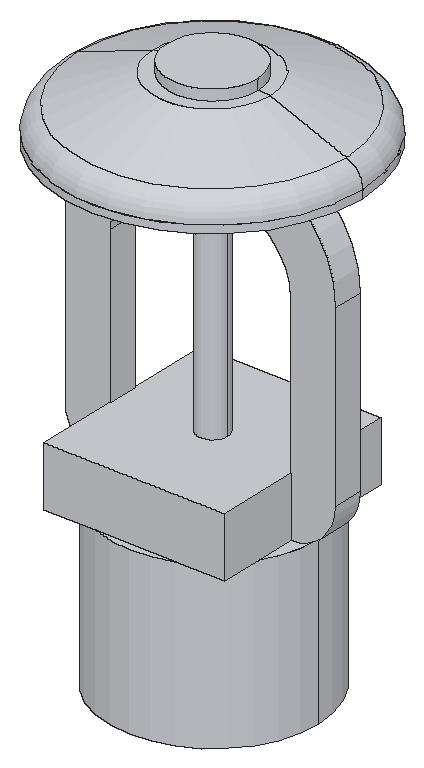
Revit family
Parameters (values of type "RASCO F1FR56-300 UPRIGHT")
  URL = ""
  Temperature Rating = 175 °F
  Response = 1
  RASCO SIN # = "RA2625"
  RASCO Part # = "F1FR56U5C3"
  Pressure Rating = "300 PSI"
  Pressure Class = 1
  Orifice Size = 1/2"
  Orifice = (empty or 0)
  Model = "F1FR56"
  Manufacturer = "RASCO"
  K-Factor = 5.6
  Description = "Chrome Finish"
  Coverage = (empty or 0)
Reference planes (in)
  plane 1 "Center (Front/Back)": y = 0
  plane 2: z = 0
  plane 3 "Center (Left/Right)": x = 0
Nested families (in)
  nested 1: "F1FR56U5C3" at (-0.0524, -0.12818, 0), type "RASCO F1FR56-300 UPRIGHT"
Connectors (in)
  piping at (-0.0524, -0.12818, 0)
    settings: on nested 1, index 1, connector radius 115/256", flow factor 0, pipe flow 0 GPM, pressure drop 0.00 psi, fitting loss kfactor 0, connector angle 0.00°, fixture units 0, flow configuration 0, flow direction 0, fitting loss method 0, system type 7, connector reference index -1, connector utility 0, adjustable connector no, is connector primary yes, fitting loss table "", connector description ""
Definition of nested family "F1FR56U5C3"
  Parameters (values of type "RASCO F1FR56-300 UPRIGHT")
    Type Comments = ""
    Temperature Rating = 0 °F
    Response = (empty or 0)
    Pressure Rating = "0"
    Pressure Class = (empty or 0)
    Orifice Size = 0"
    Orifice = (empty or 0)
    Model = ""
    Manufacturer = ""
    K-Factor = 0
    Description = ""
    Coverage = (empty or 0)
    Assembly Code = ""
  Reference planes (in)
    plane 1 "Center (Front/Back)": y = 0
    plane 2: z = 0
    plane 3 "ref.2": z = 0.6875
    plane 4 "ref.3": z = 0.9375
    plane 5: x = -0.38065
    plane 6: x = 0.36935
    plane 7 "ref. side 1": y = 0.06402
    plane 8 "ref. side 2": y = -0.06098
    plane 9 "ref.4": z = 1.875
    plane 10 "ref.5": z = 2.3125
    plane 11 "ref.6": z = 2.4375
  Forms (in)
    Extrusion 1, solid
      sketch origin (0, 0, 0) x (1, 0, 0) y (0, 1, 0)
        loop
          circle (0, 0) r 0.4375
      from 0 to 0.6875
    Extrusion 2, solid
      sketch origin (-0.12185, 0.05177, 0.6875) x (1, 0, 0) y (0, 1, 0)
        loop
          line (-0.2588, 0.356) -> (-0.2588, -0.4565) -> (0.4912, -0.4565) -> (0.4912, 0.356) -> (-0.2588, 0.356)
      from 0 to 0.25
    Extrusion 3, solid
      sketch origin (0, 0, 0) x (1, 0, 0) y (0, 0, 1)
        loop
          line (-0.38065, 0.68754) -> (-0.38065, 1.58397)
          arc (-0.38065, 1.58397) -> (-0.29541, 1.78976) -> (-0.08962, 1.875) r 0.29103
          line (-0.08962, 1.875) -> (0.07524, 1.875)
          arc (0.07524, 1.875) -> (0.28321, 1.78886) -> (0.36935, 1.58089) r 0.29411
          line (0.36935, 1.58089) -> (0.36935, 0.68751)
          arc (0.36935, 0.68751) -> (0.50207, 0.74393) -> (0.55685, 0.87734) r 0.18984
          line (0.55685, 0.87734) -> (0.55685, 1.61676)
          arc (0.55685, 1.61676) -> (0.42629, 1.93194) -> (0.11111, 2.0625) r 0.44574
          line (0.11111, 2.0625) -> (-0.12259, 2.0625)
          arc (-0.12259, 2.0625) -> (-0.43765, 1.932) -> (-0.56815, 1.61694) r 0.44556
          line (-0.56815, 1.61694) -> (-0.56815, 0.87876)
          arc (-0.56815, 0.87876) -> (-0.51345, 0.74486) -> (-0.38065, 0.68754) r 0.19126
      from -0.06402 to 0.06098
    Extrusion 4, solid
      sketch origin (0, 0, 0.9375) x (-1, 0, 0) y (0, -1, 0)
        loop
          circle (0.00574, -0.00152) r 0.0625
      from 0 to 0.9375
    Extrusion 5, solid
      sketch origin (0, 0, 1.875) x (-1, 0, 0) y (0, -1, 0)
        loop
          circle (0.00574, -0.00152) r 0.1875
      from 0 to 0.4375
    Revolve 6, solid
      sketch origin (0, 0, -0.31276) x (1, 0, 0) y (0, 0, 1)
        loop
          line (-0.19324, 2.33367) -> (-0.19324, 2.58367) -> (-0.24995, 2.58367) -> (-0.56395, 2.46314)
          arc (-0.56395, 2.46314) -> (-0.61243, 2.42492) -> (-0.63074, 2.36595) r 0.1041
          line (-0.63074, 2.36595) -> (-0.63074, 2.33367) -> (-0.19324, 2.33367)
        axis (-0.00574, 2.33367) -> (-0.00574, 2.58367)
      angle from 0 to 360
  Cuts and joins
    joined: Extrusion 1, Extrusion 2, Extrusion 4, Revolve 6
  Lines and regions (in)
    model lines
      curve 1: line (-0.00574, 0.06402, 1.875) -> (-0.00574, -0.06098, 1.875)
